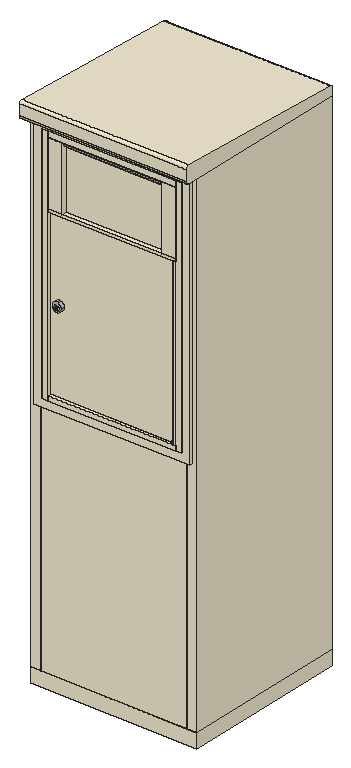
Revit family "Mailboxes_4C-Salsbury_Industries-Free_Standing-7_Door_High_Units", category Specialty Equipment, Revit 2016 (continued)
Definition of nested family "Mailboxes_4C-Salsbury_Industries-Front_Load-7_Door_High_Units"
  Definition of nested family "3700 Series 4C Door Configurations"
    Types (11): name | Weight | Visible Door Number | Model | Inset Offset | Door Visibility-MB1 | Door Lock | Door Height | Door Divider | Description
      Empty | "5 lbs." | no | "Empty MB1" | 0.18359" | no | no | 3.23047" | no | "Empty MB1 Door for 3700 Series 4C Mailboxes"
    Reference planes (in)
      plane 1 "Center (Front/Back)": y = 0
      plane 2 "Bottom of Door": z = 0
      plane 3 "Center (Left/Right)": x = 0
      plane 4 "Left Side Face of Door": x = -6.6875
      plane 5 "Right Side Face of Door": x = 6.6875
      plane 6 "Back Face of Door": y = 0.12695
      plane 7 "Front Face of Door": y = -0.12695
      plane 8: z = 10.23047
      plane 9: z = 5.11523
      plane 10 "Face of Divider": y = -0.46995
      plane 11 "Center Lock Vertical": x = -5.8125
      plane 12 "Center Lock Horizontal": z = 1.61523
      plane 13 "Face of Lock": y = -0.42383
      plane 14 "Divider Height Align": z = 10.50047
      plane 15 "Inset Center": x = -0.0975
      plane 16 "Inset Offset": y = -0.12695
      plane 17: z = 5.49038
      plane 18: z = 4.74072
    Forms (in)
      Extrusion 1, solid, material <- "Front Panel Material", visible <- "Door Visibility-MB1"
        sketch origin (0, 0, 0) x (1, 0, 0) y (0, 1, 0)
          loop
            line (-6.4355, 0.12695) -> (-6.6875, -0.05445) -> (-6.6875, -0.12695) -> (6.05625, -0.12695)
            arc (6.05625, -0.12695) -> (6.19558, -0.17661) -> (6.27209, -0.3032) r 0.22029
            arc (6.27209, -0.3032) -> (6.3553, -0.42132) -> (6.4925, -0.46664) r 0.23034
            arc (6.4925, -0.46664) -> (6.63039, -0.40952) -> (6.6875, -0.27164) r 0.195
            line (6.6875, -0.27164) -> (6.6875, 0.12695) -> (-6.4355, 0.12695)
        from 0 to 10.23047
      Blend 2, solid, material <- "Lock Material", visible <- "Door Lock"
        base sketch origin (0, -0.12695, 0) x (-1, 0, 0) y (0, 0, 1)
          loop
            circle (5.8125, 5.11523) r 0.525
        top sketch origin (0, -0.12695, 0) x (-1, 0, 0) y (0, 0, 1)
          loop
            circle (5.8125, 5.11523) r 0.485
        from 0 to -0.29688
      Extrusion 3, solid, material <- "Front Panel Material", visible <- "Door Divider"
        sketch origin (0, 0, 10.50047) x (-1, 0, 0) y (0, -1, 0)
          loop
            line (6.6875, -0.12695) -> (6.6875, 0.46995) -> (-6.6875, 0.46995) -> (-6.6875, -0.12695) -> (6.6875, -0.12695)
        from -0.27 to 0
      Extrusion 4, void, detail levels fine
        sketch origin (0, -0.42383, 0) x (1, 0, 0) y (0, 0, 1)
          loop
            circle (-5.8125, 4.99523) r 0.285
        from 0 to -0.01562
      Extrusion 5, void, detail levels fine
        sketch origin (0, -0.42383, 0) x (1, 0, 0) y (0, 0, 1)
          loop
            line (-5.84183, 5.12353) -> (-5.84183, 4.82353) -> (-5.78183, 4.82353) -> (-5.78183, 5.12353) -> (-5.84183, 5.12353)
        from 0 to -0.03906
      Extrusion 6, void, detail levels fine
        sketch origin (0, -0.12695, 0) x (0, 0, 1) y (-1, 0, 0)
          loop
            arc (5.86523, 0.8475) -> (5.82862, 0.93589) -> (5.74023, 0.9725) r 0.125
            line (5.74023, 0.9725) -> (4.49023, 0.9725)
            arc (4.49023, 0.9725) -> (4.40185, 0.93589) -> (4.36523, 0.8475) r 0.125
            line (4.36523, 0.8475) -> (4.36523, -0.6525)
            arc (4.36523, -0.6525) -> (4.40185, -0.74089) -> (4.49023, -0.7775) r 0.125
            line (4.49023, -0.7775) -> (5.74023, -0.7775)
            arc (5.74023, -0.7775) -> (5.82862, -0.74089) -> (5.86523, -0.6525) r 0.125
            line (5.86523, -0.6525) -> (5.86523, 0.8475)
        from 0 to -0.03906
    Cuts and joins
      Extrusion 4, Extrusion 5 cuts Blend 2
      Extrusion 6 cuts Extrusion 1
    Lines and regions (in)
      symbolic lines
        curve 1: circle (-5.8125, 0, 5.11523) r 0.53054 normal (0, -1, 0)
    Dimensions and locks (in)
      equal spacing: plane 6 "Back Face of Door", plane 1 "Center (Front/Back)", plane 7 "Front Face of Door"
      "Door Depth": plane 6 "Back Face of Door" to plane 7 "Front Face of Door"
      equal spacing: plane 4 "Left Side Face of Door", plane 3 "Center (Left/Right)", plane 5 "Right Side Face of Door"  (x2)
      "Door Width": plane 4 "Left Side Face of Door" to plane 5 "Right Side Face of Door"
      locked: plane 7 "Front Face of Door" to plane 10 "Face of Divider" at 0.343
      "Center Lock-Vertical": plane 4 "Left Side Face of Door" to plane 11 "Center Lock Vertical"
      "Inset Offset": plane 16 "Inset Offset" to plane 7 "Front Face of Door"
      plane 4 "Left Side Face of Door" to plane 5 "Right Side Face of Door" = 13.375"
      plane 6 "Back Face of Door" to plane 10 "Face of Divider" = 0.59691"
      "Door Height": plane 8 to plane 2 "Bottom of Door"
      equal spacing: plane 8, plane 9, plane 2 "Bottom of Door"
      locked: plane 14 "Divider Height Align" to plane 8 at 0.27
      plane 17 to plane 9 to plane 18 = 0.37515" locked, 0.37452" locked
      aligned and locked: level to plane 2 "Bottom of Door"
      aligned and locked: plane 4 "Left Side Face of Door" to Extrusion 1
      aligned and locked: plane 6 "Back Face of Door" to Extrusion 1
      aligned and locked: plane 7 "Front Face of Door" to Extrusion 1
      aligned and locked: plane 8 to Extrusion 1
      aligned and locked: Extrusion 3 sketch curve to plane 4 "Left Side Face of Door"
      aligned and locked: Extrusion 3 sketch curve to plane 6 "Back Face of Door"
      aligned and locked: plane 5 "Right Side Face of Door" to Extrusion 3 sketch curve
      aligned and locked: Extrusion 3 to plane 8
      aligned and locked: plane 10 "Face of Divider" to Extrusion 3 sketch curve
      aligned and locked: plane 14 "Divider Height Align" to Extrusion 3
      aligned and locked: cut or joined group of Extrusion 1, Extrusion 6 to plane 2 "Bottom of Door"
      aligned and locked: plane 18 to text3d elem
    Automatic sketch dimensions
      Extrusion 1 sketch curve to plane 4 "Left Side Face of Door" = 0.000"
      Extrusion 1 sketch curve to plane 6 "Back Face of Door" = 0.000"
      Extrusion 1 sketch curve to plane 7 "Front Face of Door" = 0.000"
      Extrusion 1 sketch curve to plane 5 "Right Side Face of Door" = 0.000"
      Extrusion 1 sketch curve to plane 4 "Left Side Face of Door" = 0.252"
      plane 5 "Right Side Face of Door" to Extrusion 1 sketch curve = 0.63125"
      Extrusion 1 sketch curve to plane 7 "Front Face of Door" = 0.10935"
      plane 5 "Right Side Face of Door" to Extrusion 1 sketch curve = 0.195"
      Extrusion 1 sketch curve to plane 7 "Front Face of Door" = 0.14468"
      plane 10 "Face of Divider" to Extrusion 1 sketch curve = 0.12271"
      plane 1 "Center (Front/Back)" to Extrusion 1 sketch curve = 0.05445"
      plane 10 "Face of Divider" to Extrusion 1 sketch curve = 0.16676"
      Blend 2 sketch curve to plane 9 = 0.000"  (x2)
      plane 11 "Center Lock Vertical" to Blend 2 sketch curve = 0.000"  (x2)
      plane 11 "Center Lock Vertical" to Extrusion 4 sketch curve = 0.000"
      Extrusion 4 sketch curve to plane 9 = 0.120"
      Extrusion 4 sketch curve to Extrusion 4 sketch curve = 0.285"
      plane 11 "Center Lock Vertical" to Extrusion 5 sketch curve = 0.02933"
      Extrusion 5 sketch curve to plane 11 "Center Lock Vertical" = 0.03067"
      Extrusion 5 sketch curve to plane 9 = 0.2917"
      plane 9 to Extrusion 5 sketch curve = 0.0083"
      Extrusion 6 sketch curve to plane 9 = 0.750"
      Extrusion 6 sketch curve to Extrusion 6 sketch curve = 0.125"  (x3)
      plane 9 to Extrusion 6 sketch curve = 0.625"  (x2)
      plane 3 "Center (Left/Right)" to Extrusion 6 sketch curve = 0.7775"
      plane 15 "Inset Center" to Extrusion 6 sketch curve = 0.750"
      curve 1 to plane 9 = 0.000"
      plane 11 "Center Lock Vertical" to curve 1 = 0.000"
      radius of Blend 2 sketch curve = 0.525"
      radius of Blend 2 sketch curve = 0.485"
      radius of curve 1 = 0.53054"
Types (7): name | Width | Model | Door Slot R7 Number | Door Slot R6 Number | Door Slot R5 Number | Door Slot R2 Number | Door Slot R1 Number | Door Slot L7 Number | Door Slot L6 Number | Door Slot L5 Number | Door Slot L4 Number | Door Slot L3 Number | Door Slot L2 Number | Door Slot L1 Number | Description | 4C Unit
  3907S-05 | 17.496" | "3907S-05" | "5" | "4" | "3" | "2" | "1" | "0" | "0" | "0" | "0" | "0" | "0" | "0" | "7 Door High Unit:  5 MB1, OM2" | Mailboxes_4C-Salsbury_Industries-Front_Load-7_Door_High_Units : 3707S-05 FL
  3907D-12 | 32.250" | "3907D-12" | "12" | "11" | "10" | "9" | "8" | "7" | "6" | "5" | "4" | "3" | "2" | "1" | "7 Door High Unit:  12 MB1, OM2" | Mailboxes_4C-Salsbury_Industries-Front_Load-7_Door_High_Units : 3707D-12 FL
  3907D-06 | 32.250" | "3907D-06" | "6" | "5" | "4" | "3" | "2" | "1P" | "0" | "0" | "0" | "0" | "0" | "1" | "7 Door High Unit:  6 MB1, 1 PL6, OM2" | Mailboxes_4C-Salsbury_Industries-Front_Load-7_Door_High_Units : 3707D-06 FL
  3907D-05 | 32.250" | "3907D-05" | "5" | "0" | "0" | "4" | "0" | "3" | "0" | "0" | "2" | "0" | "1" | "0" | "7 Door High Unit:  3 MB2, 2 MB3, OM2" | Mailboxes_4C-Salsbury_Industries-Front_Load-7_Door_High_Units : 3707D-05 FL
  3907D-03 | 32.250" | "3907D-03" | "3" | "0" | "0" | "2" | "0" | "1P" | "0" | "0" | "0" | "0" | "1" | "0" | "7 Door High Unit:  2 MB2, 1 MB3, 1 PL5, OM2" | Mailboxes_4C-Salsbury_Industries-Front_Load-7_Door_High_Units : 3707D-03 FL
  3907S-1P | 17.496" | "3907S-1P" | "1P" | "0" | "0" | "0" | "0" | "0" | "0" | "0" | "0" | "0" | "0" | "0" | "7 Door High Unit:  1 PL5, OM2" | Mailboxes_4C-Salsbury_Industries-Front_Load-7_Door_High_Units : 3707S-1P FL
  3907S-1B | 17.496" | "3907S-1B" | "0" | "0" | "0" | "0" | "0" | "0" | "0" | "0" | "0" | "0" | "0" | "0" | "7 Door High Unit:  1 Receptacle Bin" | Mailboxes_4C-Salsbury_Industries-Front_Load-7_Door_High_Units : 3707S-1B FL
